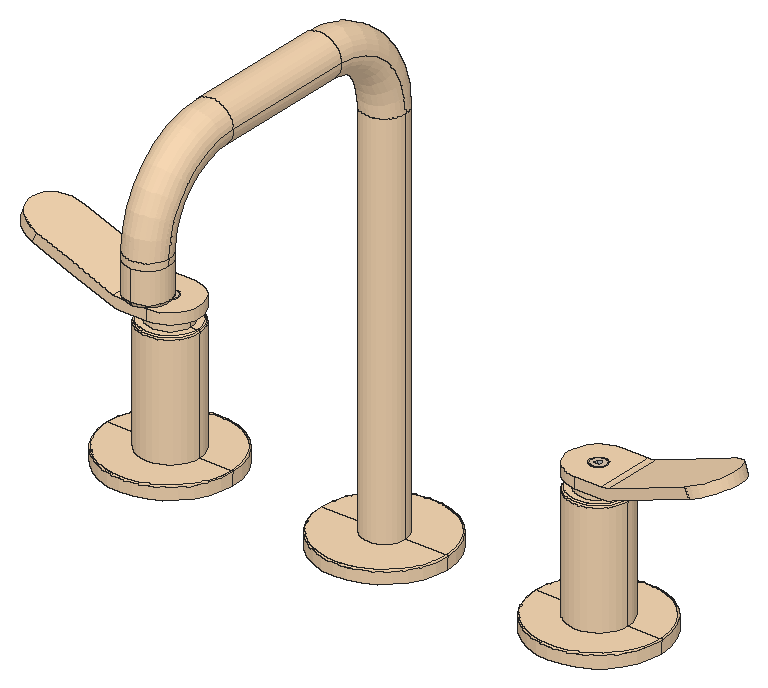
Revit family "Faucet-Deck_Mount-Bath-KALLISTA-Aileron-P33350", category Plumbing Fixtures, host Face, Revit 2021
Family settings
  Host = Face
  Round Connector Dimension = Use Diameter
  Part Type = Normal
  OmniClass Number = 23.31.11.00
  OmniClass Title = Faucets
  Cut with Voids When Loaded = No
  Shared = No
  Room Calculation Point = No
Parameters (values of type "2MB-Brushed Brass")
  Width [instance] = 8"
  WaterSense Certified = 1 = 0  # no
  Waste Water Outlet = "Waste Water Outlet"  # constant formula
  Waste Connection = 1 = 0  # no
  Vent Connection = 1 = 0  # no
  URL = "https://www.kallista.com/"
  Type = 1
  Spout Reach = Length  # 5.51181"
  Product Page URL = ""
  Product Name = "Aileron"  # constant formula
  Product Documentation Link = ""
  Pressure = 4.50 psi  # constant formula
  Model = if(Type = 1, "P-33350-LV-2MB", if(Type = 2, "P-33350-LV-BGP", if(Type = 3, "P-33350-LV-BL", if(Type = 4, "P-33350-LV-BLH", if(Type = 5, "P-33350-LV-BN", if(Type = 6, "P-33350-LV-CP", "NA"))))))  # "P-33350-LV-2MB"
  Material = "Premium Metal Construction"  # constant formula
  Master Format 2014 Name = "Residential Faucets, Supplies, and Trim"  # constant formula
  Master Format 2014 = "22 41 39"  # constant formula
  Manufacturer Address = "444 Highland Dr, Kohler, WI 53044"  # constant formula
  Manufacturer = "Kallista Co."  # constant formula
  Length = 5.51181"  # constant formula
  Hot Water Inlet = "Hot Water Inlet"  # constant formula
  Height = 9.23228"  # constant formula
  Handle Clearance = 2.63386"  # constant formula
  HW Connection = 1 = 1  # yes
  Flow Rate = 1.2 GPM  # constant formula
  Finish = Kallista-Metal-2MB- Brushed_Brass
  Faucet Hole Spacing [instance] = Width  # 8"
  Environmental Product Declaration = ""
  Drain Included = 1 = 1  # yes
  Description = "With Desperad Sink Faucet,Tall"  # constant formula
  Default Elevation = 36"
  Declare Label = ""
  Date Modified = "10/22/2024"  # constant formula
  Date Created = "10/22/2024"  # constant formula
  Copyright = "Copyright Kallista Co."  # constant formula
  Contact Us = "https://www.kallista.com/corporate/contact-us/"
  Cold Water Inlet = "Cold Water Inlet"  # constant formula
  CW Connection = 1 = 1  # yes
  Assembly Code = "D2010"
  ADA Compliant = 1 = 0  # no
Types (7): name | Type | Model | Finish
  (no name) | 1 | "P-33350-LV-2MB" | Kallista-Metal-2MB- Brushed_Brass
  2MB-Brushed Brass | 1 | "P-33350-LV-2MB" | Kallista-Metal-2MB- Brushed_Brass
  BGP-Brushed Graphite | 2 | "P-33350-LV-BGP" | Kallista-Metal-BGP-Brushed_Graphite
  BL-Matte Black | 3 | "P-33350-LV-BL" | Kallista-Metal-BL-Matte_Black
  BLH-Blush Brass | 4 | "P-33350-LV-BLH" | Kallista-Metal-BLH-Blush_Brass
  BN-Brushed Nickel | 5 | "P-33350-LV-BN" | Kallista-Metal-BN-Brushed_Nickel
  CP-Chrome | 6 | "P-33350-LV-CP" | Kallista-Metal-CP-Chrome
Reference planes (in)
  plane 1 "Center (Front/Back)": y = 0
  plane 2: z = 0
  plane 3 "Center (Left/Right)": x = 0
  plane 4: x = -4
  plane 5: x = 4
  plane 6: x = 2.8189
  plane 7: y = 1.1811
  plane 8: y = -1.1811
  plane 9: y = 0.55118
  plane 10: y = -0.55118
  plane 11: z = 0.21738
  plane 12: z = 4.25197
  plane 13: z = 6.58957
  plane 14: x = 5.1811
  plane 15: x = -2.8189
  plane 16: x = -5.1811
  plane 17: y = -5.51181
  plane 18: y = -5.90551
  plane 19: y = -5.11811
  plane 20: z = 9.23228
  plane 21: x = -0.3937
  plane 22: x = 0
  plane 23: x = 0.3937
  plane 24: z = 7.23325
  plane 25: x = -6.63386
  plane 26: x = 6.63386
  plane 27: z = 3.54331
Dimensions and locks (in)
  equal spacing: plane 4, plane 3 "Center (Left/Right)", plane 5
  "Width": plane 4 to plane 5
  plane 6 to plane 5 = 1.1811"
  locked: plane 14 to plane 5 at 1.1811
  locked: plane 6 to plane 5 at 1.1811
  locked: plane 4 to plane 16 at 1.1811
  locked: plane 15 to plane 4 at 1.1811
  "Height": plane 20 to level
  "Length": plane 1 "Center (Front/Back)" to plane 17
  "Handle Clearance": plane 26 to plane 5
  "Handle Clearance": plane 4 to plane 25
  plane 27 to level = 3.54331"
  aligned and locked: plane 2 to host face
  aligned and locked: level to host face
  aligned and locked: nested 2 to plane 1 "Center (Front/Back)"
  aligned and locked: plane 1 "Center (Front/Back)" to nested 1
  aligned and locked: plane 4 to nested 2
  aligned and locked: plane 5 to nested 1
  aligned and locked: plane 1 "Center (Front/Back)" to nested 3
Automatic sketch dimensions
  host sketch curve to host sketch curve = 96"  (x2)
Nested families (in)
  nested 1: "P33350_Handle" at (4, 0, 0), type "P33350_Handle"
  nested 2: "P33350_Handle" at (-4, 0, 0) x (-1, 0, 0) z (0, 0, 1), type "P33350_Handle"
  nested 3: "P33350_Spout" at (0, 0, 0), type "P33350_Spout"
Connectors (in)
  piping at (-4, 0, 0), diameter 0.5, driven by "Flow Rate", driven by "Pressure", driven by "HW Connection", driven by "Hot Water Inlet"
    settings: on nested 2, index 1, connector inside diameter 24", connector length 0", flow factor 0, pipe flow 1.2 GPM, pressure drop 4.50 psi, fitting loss kfactor 0, connector angle 0.00°, fixture units 0, engagement length 0", angle of deflection 0.00°, flow configuration 1, flow direction 1, fitting loss method 4, system type 19, joint type 0, gender type 0, connector reference index -1, connector utility 1, adjustable connector no, is connector primary yes, connector description "Hot Water Inlet"
  piping at (4, 0, 0), diameter 0.5, driven by "Flow Rate", driven by "Pressure", driven by "CW Connection", driven by "Cold Water Inlet"
    settings: on nested 1, index 2, connector inside diameter 24", connector length 0", flow factor 0, pipe flow 1.2 GPM, pressure drop 4.50 psi, fitting loss kfactor 0, connector angle 0.00°, fixture units 0, engagement length 0", angle of deflection 0.00°, flow configuration 2, flow direction 1, fitting loss method 4, system type 20, joint type 0, gender type 0, connector reference index -1, connector utility 1, adjustable connector no, is connector primary no, connector description "Cold Water Inlet"
Definition of nested family "P33350_Handle"
  Parameters
    Material = none
    Default Elevation = 0"
  Reference planes (in)
    plane 1 "Center (Front/Back)": y = 0
    plane 2: z = 0
    plane 3 "Center (Left/Right)": x = 0
    plane 4: x = -3.93701
    plane 5: x = 3.93701
    plane 6: y = 1.1811
    plane 7: y = -1.1811
    plane 8: x = 2.75591
    plane 9: x = 5.11811
    plane 10: x = -5.11811
    plane 11: x = -2.75591
    plane 12: x = -1.1811
    plane 13: x = 1.1811
    plane 14: z = 9.27165
    plane 15: z = 8.88976
    plane 16: through (0, -2.07337, 8.88976) normal (0, 0.0872, 0.9962)
    plane 17: y = -0.3937
    plane 18: y = 0.3937
    plane 19: y = 0.55118
    plane 20: y = -0.55118
    plane 21: z = 3.54331
    plane 22: z = 2.3622
    plane 23: z = 2.83021
    plane 24: x = 0.55118
    plane 25: x = -0.55118
    plane 26: through (2.2361, -180, 3.4613) normal (-0.342, 0, 0.9397)
    plane 27: through (2.30342, -180, 3.27632) normal (-0.342, 0, 0.9397)
    plane 28: x = -0.55118
    plane 29: x = 2.63386
  Forms (in)
    Revolve 1, solid, material <- "Material", detail levels medium+fine
      sketch origin (0, 0, 0) x (1, 0, 0) y (0, 0, 1)
        loop
          line (0, 2.37761) -> (-0.51598, 2.37761) -> (-0.53902, 2.35457)
          arc (-0.53902, 2.35457) -> (-0.54802, 2.3411) -> (-0.55118, 2.32521) r 0.04153
          line (-0.55118, 2.32521) -> (-0.55118, 0.24206) -> (0, 0.24206) -> (0, 2.37761)
        axis (0, 0.24206) -> (0, 2.37761)
      angle from 0 to 360
    Revolve 2, solid, material <- "Material", detail levels medium+fine
      sketch origin (0, 0, 0) x (1, 0, 0) y (0, 0, 1)
        loop
          line (0, 0.24206) -> (-1.16142, 0.24206)
          arc (-1.16142, 0.24206) -> (-1.17534, 0.23629) -> (-1.1811, 0.22237) r 0.01969
          line (-1.1811, 0.22237) -> (-1.1811, 0) -> (0, 0) -> (0, 0.24206)
        axis (0, 0) -> (0, 0.24206)
      angle from 0 to 360
    Revolve 3, solid, material <- "Material", detail levels medium+fine
      sketch origin (0, 0, 0) x (1, 0, 0) y (0, 0, 1)
        loop
          line (0, 2.37761) -> (0.39323, 2.37761) -> (0.39323, 2.50156)
          arc (0.39323, 2.50156) -> (0.41364, 2.55848) -> (0.46557, 2.58946) r 0.08958
          line (0.46557, 2.58946) -> (0, 2.58946) -> (0, 2.37761)
        axis (0, 2.37761) -> (0, 2.58946)
      angle from 0 to 360
    Sweep 4, solid, material <- "Material"
      path origin (0, 0, 0) x (1, 0, 0) y (0, 0, 1)
        loop
          line (-2.27206, 2.58331) -> (0.48384, 2.58331)
          arc (0.48384, 2.58331) -> (0.58674, 2.59255) -> (0.68635, 2.61996) r 0.57777
          line (0.68635, 2.61996) -> (3.91751, 3.82917)
      profile origin (-2.27206, 0, 2.58331) x (0, 0, -1) y (0, -1, 0)
        loop
          line (-0.19654, -0.55118) -> (0, -0.55118) -> (0, 0.55118) -> (-0.19654, 0.55118) -> (-0.19654, -0.55118)
    Extrusion 5, void
      sketch origin (0, 0, 0) x (1, 0, 0) y (0, 1, 0)
        loop
          line (0, 0.55118) -> (0, 0.88357) -> (-3.28265, 0.88357) -> (-3.28265, -1.47863) -> (0, -1.47863) -> (0, -0.55118)
          arc (0, -0.55118) -> (-0.55118, 0) -> (0, 0.55118) r 0.55118
      from 2.37761 to 4.80094
    Extrusion 6, void
      sketch origin (-0.77572, 0, 2.0728) x (0.936565, 0, 0.350495) y (0, -1, 0)
        loop
          line (3.08612, -0.55118) -> (2.38681, -0.55118) -> (2.38681, -0.94488) -> (5.16682, -0.94488) -> (5.16682, 0.94488) -> (2.38681, 0.94488) -> (2.38681, 0.55118) -> (3.08612, 0.55118)
          arc (3.08612, 0.55118) -> (3.6373, 0) -> (3.08612, -0.55118) r 0.55118
      from -0.5997 to 0.58587
    Extrusion 7, void
      sketch origin (0, 0, 0) x (1, 0, 0) y (0, 1, 0)
        loop
          circle (0, 0) r 0.15706
      from 2.6188 to 3.2359
    Extrusion 8, solid, detail levels medium+fine
      sketch origin (0, 0, 0) x (1, 0, 0) y (0, 1, 0)
        loop
          circle (0, 0) r 0.1378
      from 2.6188 to 2.77985
    Extrusion 9, void
      sketch origin (0, 0, 0) x (1, 0, 0) y (0, 1, 0)
        loop
          line (0.05666, -0.03967) -> (0.06269, 0.02923) -> (0.00603, 0.0689) -> (-0.05666, 0.03967) -> (-0.06269, -0.02923) -> (-0.00603, -0.0689) -> (0.05666, -0.03967)
      from 2.6188 to 3.13696
    Revolve 10, solid, material <- "Material", detail levels coarse
      sketch origin (0, 0, 0) x (1, 0, 0) y (0, 0, 1)
        loop
          line (0, 2.37761) -> (-0.55118, 2.37761) -> (-0.55118, 0.24206) -> (0, 0.24206) -> (0, 2.37761)
        axis (0, 0.24206) -> (0, 2.37761)
      angle from 0 to 360
    Revolve 11, solid, material <- "Material", detail levels coarse
      sketch origin (0, 0, 0) x (1, 0, 0) y (0, 0, 1)
        loop
          line (0, 2.58331) -> (-0.46969, 2.58331)
          arc (-0.46969, 2.58331) -> (-0.41562, 2.56091) -> (-0.39323, 2.50685) r 0.07646
          line (-0.39323, 2.50685) -> (-0.39323, 2.37761) -> (0, 2.37761) -> (0, 2.58331)
        axis (0, 2.37761) -> (0, 2.58331)
      angle from 0 to 360
    Revolve 12, solid, material <- "Material", detail levels coarse
      sketch origin (0, 0, 0) x (1, 0, 0) y (0, 0, 1)
        loop
          line (0, 0.29174) -> (-1.1811, 0.29174) -> (-1.1811, 0) -> (0, 0) -> (0, 0.29174)
        axis (0, 0) -> (0, 0.29174)
      angle from 0 to 360
  Cuts and joins
    joined: Revolve 1, Revolve 2
    Extrusion 5, Extrusion 6, Extrusion 7 cuts Sweep 4
    Extrusion 9 cuts Extrusion 8
  Lines and regions (in)
    Masking region 1
      outline origin (0, 0, 0) x (0, 1, 0) y (0, 0, 1)
        loop
          arc (0.55118, 3.31057) -> (0.47693, 3.38023) -> (0.3937, 3.43886) r 0.72892
          arc (0.3937, 3.43886) -> (0.01656, 3.544) -> (-0.36058, 3.43886) r 0.72892
          arc (-0.36058, 3.43886) -> (-0.46317, 3.36389) -> (-0.55118, 3.27224) r 0.72892
          line (-0.55118, 3.27224) -> (-0.55118, 2.60512)
          arc (-0.55118, 2.60512) -> (-0.54479, 2.5897) -> (-0.52937, 2.58331) r 0.02181
          line (-0.52937, 2.58331) -> (-0.45218, 2.58331)
          arc (-0.45218, 2.58331) -> (-0.40977, 2.55077) -> (-0.3937, 2.49979) r 0.08887
          line (-0.3937, 2.49979) -> (-0.3937, 2.36839) -> (-0.46702, 2.36839) -> (-0.50883, 2.36839) -> (-0.55118, 2.33873) -> (-0.55118, 0.24206) -> (-1.16142, 0.24206)
          arc (-1.16142, 0.24206) -> (-1.17534, 0.23629) -> (-1.1811, 0.22237) r 0.01969
          line (-1.1811, 0.22237) -> (-1.1811, 0) -> (1.1811, 0) -> (1.1811, 0.22237)
          arc (1.1811, 0.22237) -> (1.17534, 0.23629) -> (1.16142, 0.24206) r 0.01969
          line (1.16142, 0.24206) -> (0.55118, 0.24206) -> (0.55118, 2.33873) -> (0.50883, 2.36839) -> (0.3937, 2.36839) -> (0.3937, 2.49979)
          arc (0.3937, 2.49979) -> (0.40977, 2.55077) -> (0.45218, 2.58331) r 0.08887
          line (0.45218, 2.58331) -> (0.52937, 2.58331)
          arc (0.52937, 2.58331) -> (0.54479, 2.5897) -> (0.55118, 2.60512) r 0.02181
          line (0.55118, 2.60512) -> (0.55118, 3.31057)
    Masking region 2
      outline origin (0, 0, 0) x (1, 0, 0) y (0, 1, 0)
        loop
          arc (1.04461, 0.55118) -> (-1.1811, 0) -> (1.04461, -0.55118) r 1.1811
          line (1.04461, -0.55118) -> (2.08143, -0.55118)
          arc (2.08143, -0.55118) -> (2.63261, 0) -> (2.08143, 0.55118) r 0.55118
          line (2.08143, 0.55118) -> (1.04461, 0.55118)
    Masking region 3
      outline origin (0, 0, 0.04921) x (1, 0, 0) y (0, 0, 1)
        loop
          line (1.1811, 0) -> (1.1811, 0.22284)
          arc (1.1811, 0.22284) -> (1.17534, 0.23676) -> (1.16142, 0.24252) r 0.01969
          line (1.16142, 0.24252) -> (0.55118, 0.24252) -> (0.55118, 2.34215) -> (0.51572, 2.37761) -> (0.39323, 2.37761) -> (0.39323, 2.50631)
          arc (0.39323, 2.50631) -> (0.41635, 2.56132) -> (0.47182, 2.58329) r 0.07699
          arc (0.47182, 2.58329) -> (0.64765, 2.60701) -> (0.80802, 2.68282) r 0.57777
          line (0.80802, 2.68282) -> (2.59475, 3.3048)
          arc (2.59475, 3.3048) -> (2.62821, 3.33481) -> (2.63036, 3.37971) r 0.05827
          line (2.63036, 3.37971) -> (2.60308, 3.45488)
          arc (2.60308, 3.45488) -> (2.57321, 3.48776) -> (2.52885, 3.49018) r 0.0585
          line (2.52885, 3.49018) -> (0.71632, 2.85893)
          arc (0.71632, 2.85893) -> (0.62054, 2.80519) -> (0.5134, 2.78099) r 0.38123
          line (0.5134, 2.78099) -> (-0.55118, 2.78099) -> (-0.55118, 2.58331) -> (-0.47022, 2.58331)
          arc (-0.47022, 2.58331) -> (-0.41578, 2.56076) -> (-0.39323, 2.50631) r 0.07699
          line (-0.39323, 2.50631) -> (-0.39323, 2.37761) -> (-0.51572, 2.37761) -> (-0.55118, 2.34215) -> (-0.55118, 0.24252) -> (-1.16142, 0.24252)
          arc (-1.16142, 0.24252) -> (-1.17534, 0.23676) -> (-1.1811, 0.22284) r 0.01969
          line (-1.1811, 0.22284) -> (-1.1811, 0) -> (1.1811, 0)
    symbolic lines, detail levels medium+fine
      curve 1: arc (0, 0.3937, 3.2645) -> (0, 0, 3.35306) -> (0, -0.3937, 3.2645) r 0.91946
      curve 2: arc (0, 0.55118, 3.15447) -> (0, 0.47705, 3.21609) -> (0, 0.3937, 3.2645) r 0.57666
      curve 3: arc (0, -0.3937, 3.2645) -> (0, -0.47705, 3.21609) -> (0, -0.55118, 3.15447) r 0.57666
      curve 4: line (0, 0.55118, 0.24206) -> (0, -0.55118, 0.24206)
      curve 5: line (0, 1.1811, 0.22237) -> (0, -1.1811, 0.22237)
      curve 6: line (0, 0.37733, 2.36224) -> (0, -0.40148, 2.36224)
      curve 7: line (0, 0.55118, 2.33873) -> (0, -0.55118, 2.33873)
      curve 8: line (0, 0.45218, 2.58331) -> (0, -0.45218, 2.58331)
      curve 9: line (0, 0.39959, 2.51923) -> (0, -0.40374, 2.51923)
      curve 10: line (0, 0.55118, 2.60512) -> (0, -0.55118, 2.60512)
      curve 11: line (0, 0.55118, 1.60121) -> (0, -0.55118, 1.60121)
      curve 12: line (0, 0.55118, 1.60121) -> (0, -0.55118, 2.33873)
      curve 13: line (0, -0.45582, 2.23114) -> (0, -0.55118, 2.29495)
      curve 14: line (0, 0.48574, 1.60121) -> (0, -0.49122, 2.25483)
      curve 15: line (0, 0.42519, 1.60121) -> (0, -0.55118, 2.25444)
      curve 16: line (0, 0.36167, 1.60121) -> (0, -0.55325, 2.21332)
      curve 17: line (0, 0.30112, 1.60121) -> (0, -0.54813, 2.16939)
      curve 18: line (0, 0.55118, 1.6437) -> (0, -0.48766, 2.33873)
      curve 19: line (0, 0.55118, 1.69087) -> (0, -0.41715, 2.33873)
      curve 20: line (0, 0.55118, 2.33873) -> (0, -0.55118, 1.60121)
      curve 21: line (0, 0.48381, 2.33873) -> (0, -0.54813, 1.64833)
      curve 22: line (0, 0.31653, 2.27419) -> (0, -0.54813, 1.6957)
      curve 23: line (0, 0.3422, 2.33873) -> (0, -0.54813, 1.74307)
      curve 24: line (0, 0.2714, 2.33873) -> (0, -0.54813, 1.79043)
      curve 25: line (0, 0.2006, 2.33873) -> (0, -0.54813, 1.8378)
      curve 26: line (0, 0.1298, 2.33873) -> (0, -0.54813, 1.88517)
      curve 27: line (0, 0.059, 2.33873) -> (0, -0.54813, 1.93254)
      curve 28: line (0, -0.0118, 2.33873) -> (0, -0.54813, 1.97991)
      curve 29: line (0, -0.0826, 2.33873) -> (0, -0.54813, 2.02728)
      curve 30: line (0, -0.1534, 2.33873) -> (0, -0.54813, 2.07465)
      curve 31: line (0, -0.22421, 2.33873) -> (0, -0.54813, 2.12202)
      curve 32: line (0, -0.29501, 2.33873) -> (0, -0.54813, 2.16939)
      curve 33: line (0, -0.36581, 2.33873) -> (0, -0.55325, 2.21332)
      curve 34: line (0, -0.43661, 2.33873) -> (0, -0.55118, 2.26208)
      curve 35: line (0, -0.50741, 2.33873) -> (0, -0.55118, 2.30945)
      curve 36: line (0, 0.55118, 2.29136) -> (0, -0.48038, 1.60121)
      curve 37: line (0, 0.55118, 2.24399) -> (0, -0.40958, 1.60121)
      curve 38: line (0, 0.55118, 2.19663) -> (0, -0.33878, 1.60121)
      curve 39: line (0, 0.55118, 2.14926) -> (0, -0.26798, 1.60121)
      curve 40: line (0, 0.55118, 2.10189) -> (0, -0.19718, 1.60121)
      curve 41: line (0, 0.55118, 2.05452) -> (0, -0.12637, 1.60121)
      curve 42: line (0, 0.55118, 2.00715) -> (0, -0.05557, 1.60121)
      curve 43: line (0, 0.55118, 1.95978) -> (0, 0.01523, 1.60121)
      curve 44: line (0, 0.55118, 1.91241) -> (0, 0.08603, 1.60121)
      curve 45: line (0, 0.55118, 1.86504) -> (0, 0.15683, 1.60121)
      curve 46: line (0, 0.55118, 1.81767) -> (0, 0.22763, 1.60121)
      curve 47: line (0, 0.55118, 1.77031) -> (0, 0.29843, 1.60121)
      curve 48: line (0, 0.55118, 1.73824) -> (0, -0.34635, 2.33873)
      curve 49: line (0, 0.55118, 1.78561) -> (0, -0.27555, 2.33873)
      curve 50: line (0, 0.55118, 1.83298) -> (0, -0.20475, 2.33873)
      curve 51: line (0, 0.55118, 1.88035) -> (0, -0.13395, 2.33873)
      curve 52: line (0, 0.55118, 1.92772) -> (0, -0.06315, 2.33873)
      curve 53: line (0, 0.55118, 1.97509) -> (0, 0.00765, 2.33873)
      curve 54: line (0, 0.55118, 2.02246) -> (0, 0.07845, 2.33873)
      curve 55: line (0, 0.55118, 2.06983) -> (0, 0.14925, 2.33873)
      curve 56: line (0, 0.55118, 2.11719) -> (0, 0.22005, 2.33873)
      curve 57: line (0, 0.55118, 2.16456) -> (0, 0.29086, 2.33873)
      curve 58: line (0, 0.55118, 2.21193) -> (0, 0.36166, 2.33873)
      curve 59: line (0, 0.55118, 2.2593) -> (0, 0.43246, 2.33873)
      curve 60: line (0, 0.55118, 2.30667) -> (0, 0.50326, 2.33873)
      curve 61: line (0, 0.23032, 1.60121) -> (0, -0.54813, 2.12202)
      curve 62: line (0, 0.15952, 1.60121) -> (0, -0.54813, 2.07465)
      curve 63: line (0, 0.08871, 1.60121) -> (0, -0.54813, 2.02728)
      curve 64: line (0, 0.01791, 1.60121) -> (0, -0.54813, 1.97991)
      curve 65: line (0, -0.05289, 1.60121) -> (0, -0.54813, 1.93254)
      curve 66: line (0, -0.12369, 1.60121) -> (0, -0.54813, 1.88517)
      curve 67: line (0, -0.19449, 1.60121) -> (0, -0.54813, 1.8378)
      curve 68: line (0, -0.26529, 1.60121) -> (0, -0.54813, 1.79043)
      curve 69: line (0, -0.33609, 1.60121) -> (0, -0.54813, 1.74307)
      curve 70: line (0, -0.40689, 1.60121) -> (0, -0.54813, 1.6957)
      curve 71: line (0, -0.47769, 1.60121) -> (0, -0.54813, 1.64833)
      curve 72: circle (0, 0, 0) r 0.3937 normal (0, 0, 1)
      curve 73: circle (0, 0, 0) r 0.34143 normal (0, 0, 1)
      curve 74: circle (0, 0, 0) r 0.15706 normal (0, 0, 1)
      curve 75: circle (0, 0, 0) r 0.18126 normal (0, 0, 1)
      curve 76: circle (0, 0, 0) r 0.06917 normal (0, 0, 1)
      curve 77: circle (0, 0, 0) r 0.08332 normal (0, 0, 1)
      curve 78: line (0.06013, 0.03472, 0) -> (0, 0.06943, 0)
      curve 79: line (0, 0.06943, 0) -> (-0.06013, 0.03472, 0)
      curve 80: line (-0.06013, 0.03472, 0) -> (-0.06013, -0.03472, 0)
      curve 81: line (-0.06013, -0.03472, 0) -> (0, -0.06943, 0)
      curve 82: line (0, -0.06943, 0) -> (0.06013, -0.03472, 0)
      curve 83: line (0.06013, -0.03472, 0) -> (0.06013, 0.03472, 0)
      curve 84: line (1.04461, 0.55118, 0) -> (-0.00244, 0.55118, 0)
      curve 85: line (1.04461, -0.55118, 0) -> (-0.00244, -0.55118, 0)
      curve 86: arc (-0.00244, 0.55118, 0) -> (-0.55362, 0, 0) -> (-0.00244, -0.55118, 0) r 0.55118
      curve 87: line (0.52108, 0.55118, 0) -> (0.52108, -0.55118, 0)
      curve 88: line (0.55118, -0.55118, 0) -> (0.55118, 0.55118, 0)
      curve 89: line (0.58294, 0.55118, 0) -> (0.58294, -0.55118, 0)
      curve 90: line (0.56748, -0.55118, 0) -> (0.56748, 0.55118, 0)
      curve 91: line (0.53365, 0.55118, 0) -> (0.53365, -0.55118, 0)
      curve 92: arc (2.11464, 0.55118, 0) -> (2.5307, 0.0005, 0) -> (2.11464, -0.55018, 0) r 0.57246
      curve 93: arc (-0.00244, 0.5315, 0) -> (-0.53393, 0, 0) -> (-0.00244, -0.5315, 0) r 0.5315
      curve 94: line (1.05457, 0.5315, 0) -> (-0.00244, 0.5315, 0)
      curve 95: line (1.05457, -0.5315, 0) -> (-0.00244, -0.5315, 0)
      curve 96: arc (1.04461, 0.55118, 0) -> (1.17886, 0, 0) -> (1.04461, -0.55118, 0) r 1.1986
      curve 97: line (0.55118, 0, 0.24252) -> (-0.55118, 0, 0.24252)
      curve 98: line (1.1811, 0, 0.22284) -> (-1.1811, 0, 0.22284)
      curve 99: line (0.55118, 0, 2.36215) -> (-0.55118, 0, 2.36215)
      curve 100: line (0.52176, 0, 2.38992) -> (-0.52176, 0, 2.38992)
      curve 101: line (0.41216, 0, 2.50631) -> (-0.41216, 0, 2.50631)
      curve 102: line (0.48384, 0, 2.58331) -> (-0.47022, 0, 2.58331)
      curve 103: line (0.55118, 0, 1.63683) -> (-0.55118, 0, 1.63683)
      curve 104: line (0.55118, 0, 2.36215) -> (-0.55118, 0, 1.63683)
      curve 105: line (0.55118, 0, 2.31502) -> (-0.47955, 0, 1.63683)
      curve 106: line (0.55118, 0, 2.26789) -> (-0.40793, 0, 1.63683)
      curve 107: line (0.55118, 0, 2.22076) -> (-0.3363, 0, 1.63683)
      curve 108: line (0.55118, 0, 2.17364) -> (-0.26468, 0, 1.63683)
      curve 109: line (0.55118, 0, 2.12651) -> (-0.19305, 0, 1.63683)
      curve 110: line (0.55118, 0, 2.07938) -> (-0.12142, 0, 1.63683)
      curve 111: line (0.55118, 0, 2.03225) -> (-0.0498, 0, 1.63683)
      curve 112: line (0.55118, 0, 1.98512) -> (0.02183, 0, 1.63683)
      curve 113: line (0.55118, 0, 1.938) -> (0.09346, 0, 1.63683)
      curve 114: line (0.55118, 0, 1.89087) -> (0.16508, 0, 1.63683)
      curve 115: line (0.55118, 0, 1.84374) -> (0.23671, 0, 1.63683)
      curve 116: line (0.55118, 0, 1.79661) -> (0.30833, 0, 1.63683)
      curve 117: line (0.55118, 0, 1.74949) -> (0.37996, 0, 1.63683)
      curve 118: line (0.55118, 0, 1.70236) -> (0.45159, 0, 1.63683)
      curve 119: line (0.47955, 0, 2.36215) -> (-0.55118, 0, 1.68396)
      curve 120: line (0.40793, 0, 2.36215) -> (-0.55118, 0, 1.73108)
      curve 121: line (0.3363, 0, 2.36215) -> (-0.55118, 0, 1.77821)
      curve 122: line (0.26468, 0, 2.36215) -> (-0.55118, 0, 1.82534)
      curve 123: line (0.19305, 0, 2.36215) -> (-0.55118, 0, 1.87247)
      curve 124: line (0.12142, 0, 2.36215) -> (-0.55118, 0, 1.91959)
      curve 125: line (0.0498, 0, 2.36215) -> (-0.5372, 0, 1.97592)
      curve 126: line (-0.02183, 0, 2.36215) -> (-0.5372, 0, 2.02305)
      curve 127: line (-0.09346, 0, 2.36215) -> (-0.55118, 0, 2.06098)
      curve 128: line (-0.16508, 0, 2.36215) -> (-0.5372, 0, 2.11731)
      curve 129: line (-0.23671, 0, 2.36215) -> (-0.5372, 0, 2.16444)
      curve 130: line (-0.30833, 0, 2.36215) -> (-0.5372, 0, 2.21156)
      curve 131: line (-0.37996, 0, 2.36215) -> (-0.5372, 0, 2.25869)
      curve 132: line (-0.45159, 0, 2.36215) -> (-0.55118, 0, 2.29662)
      curve 133: line (0.55118, 0, 1.63683) -> (-0.55118, 0, 2.36215)
      curve 134: line (0.55118, 0, 1.68396) -> (-0.47955, 0, 2.36215)
      curve 135: line (0.55118, 0, 1.73108) -> (-0.40793, 0, 2.36215)
      curve 136: line (0.55118, 0, 1.77821) -> (-0.3363, 0, 2.36215)
      curve 137: line (0.55118, 0, 1.82534) -> (-0.26468, 0, 2.36215)
      curve 138: line (0.55118, 0, 1.87247) -> (-0.19305, 0, 2.36215)
      curve 139: line (0.55118, 0, 1.91959) -> (-0.12142, 0, 2.36215)
      curve 140: line (0.55118, 0, 1.96672) -> (-0.0498, 0, 2.36215)
      curve 141: line (0.55118, 0, 2.01385) -> (0.02183, 0, 2.36215)
      curve 142: line (0.55118, 0, 2.06098) -> (0.09346, 0, 2.36215)
      curve 143: line (0.55118, 0, 2.10811) -> (0.16508, 0, 2.36215)
      curve 144: line (0.55118, 0, 2.15523) -> (0.23671, 0, 2.36215)
      curve 145: line (0.55118, 0, 2.20236) -> (0.30833, 0, 2.36215)
      curve 146: line (0.55118, 0, 2.24949) -> (0.37996, 0, 2.36215)
      curve 147: line (0.45159, 0, 2.36215) -> (0.55118, 0, 2.29662)
      curve 148: line (0.47955, 0, 1.63683) -> (-0.55118, 0, 2.31502)
      curve 149: line (0.40793, 0, 1.63683) -> (-0.5372, 0, 2.25869)
      curve 150: line (0.3363, 0, 1.63683) -> (-0.5372, 0, 2.21156)
      curve 151: line (0.26468, 0, 1.63683) -> (-0.5372, 0, 2.16444)
      curve 152: line (0.19305, 0, 1.63683) -> (-0.5372, 0, 2.11731)
      curve 153: line (0.12142, 0, 1.63683) -> (-0.55118, 0, 2.07938)
      curve 154: line (0.0498, 0, 1.63683) -> (-0.5372, 0, 2.02305)
      curve 155: line (-0.02183, 0, 1.63683) -> (-0.5372, 0, 1.97592)
      curve 156: line (-0.09346, 0, 1.63683) -> (-0.55118, 0, 1.938)
      curve 157: line (-0.16508, 0, 1.63683) -> (-0.55118, 0, 1.89087)
      curve 158: line (-0.23671, 0, 1.63683) -> (-0.55118, 0, 1.84374)
      curve 159: line (-0.30833, 0, 1.63683) -> (-0.55118, 0, 1.79661)
      curve 160: line (-0.37996, 0, 1.63683) -> (-0.55118, 0, 1.74949)
      curve 161: line (-0.45159, 0, 1.63683) -> (-0.55118, 0, 1.70236)
  Dimensions and locks (in)
    level to plane 21 = 3.54331"
    plane 21 to level = 3.54331"
    aligned and locked: plane 2 to level
Definition of nested family "P33350_Spout"
  Parameters
    Material = none
    Default Elevation = 0"
  Reference planes (in)
    plane 1 "Center (Front/Back)": y = 0
    plane 2: z = 0
    plane 3 "Center (Left/Right)": x = 0
    plane 4: y = 1.1811
    plane 5: y = -1.1811
    plane 6: y = -5.90551
    plane 7: y = -5.51181
    plane 8: y = -5.11811
    plane 9: z = 9.23228
    plane 10: y = -0.55118
    plane 11: y = 0.55118
    plane 12: x = -0.3937
    plane 13: x = 0.3937
    plane 14: x = -1.1811
    plane 15: x = 1.1811
    plane 16: z = 8.83858
    plane 17: z = 8.44488
    plane 18: z = 8.83858
    plane 19: z = 8.44488
    plane 20: y = 0.3937
    plane 21: y = -0.3937
    plane 22: z = 8.83858
    plane 23: z = 8.44488
  Forms (in)
    Revolve 1, solid, material <- "Material", detail levels medium+fine
      sketch origin (0, 0, 0) x (1, 0, 0) y (0, 0, 1)
        loop
          line (-1.1811, 0.21245) -> (-1.1811, 0) -> (0, 0) -> (0, 0.23552) -> (-1.15803, 0.23552)
          arc (-1.15803, 0.23552) -> (-1.17435, 0.22876) -> (-1.1811, 0.21245) r 0.02307
        axis (0, 0) -> (0, 0.23552)
      angle from 0 to 360
    Sweep 2, solid, material <- "Material", detail levels medium+fine
      path origin (0, 0, 0) x (0, 1, 0) y (0, 0, 1)
        loop
          line (-5.51181, 7.21457) -> (-5.51181, 7.34252)
          arc (-5.51181, 7.34252) -> (-5.07362, 8.4004) -> (-4.01575, 8.83858) r 1.49606
          line (-4.01575, 8.83858) -> (-1.49606, 8.83858)
          arc (-1.49606, 8.83858) -> (-0.43819, 8.4004) -> (0, 7.34252) r 1.49606
          line (0, 7.34252) -> (0, 0.23376)
      profile origin (0, 0, 0.23376) x (0, -1, 0) y (1, 0, 0)
        loop
          circle (0, 0) r 0.3937
    Revolve 3, solid, material <- "Material", detail levels medium+fine
      sketch origin (0, 0, 0) x (0, 1, 0) y (0, 0, 1)
        loop
          line (-5.51181, 6.59349) -> (-5.51181, 7.21457) -> (-5.90551, 7.21457) -> (-5.90551, 6.64093)
          arc (-5.90551, 6.64093) -> (-5.89162, 6.60738) -> (-5.85807, 6.59349) r 0.04745
          line (-5.85807, 6.59349) -> (-5.51181, 6.59349)
        axis (-5.51181, 6.59349) -> (-5.51181, 7.21457)
      angle from 0 to 360
    Extrusion 4, void
      sketch origin (0, -0.0123, 0) x (1, 0, 0) y (0, 1, 0)
        loop
          circle (0.00161, -5.50475) r 0.29134
      from 5.80074 to 6.89077
    Extrusion 5, solid, detail levels medium+fine
      sketch origin (0, 0, 0) x (1, 0, 0) y (0, 1, 0)
        loop
          circle (-0.00452, -5.51679) r 0.24016
      from 6.59349 to 6.89077
    Extrusion 6, void
      sketch origin (0, 0, 0) x (1, 0, 0) y (0, 1, 0)
        loop
          circle (0.1127, -5.65772) r 0.01969
        loop
          circle (0.17404, -5.58408) r 0.01969
        loop
          circle (0.05485, -5.58408) r 0.01969
        loop
          circle (0.05485, -5.69751) r 0.01969
        loop
          circle (0.1127, -5.37639) r 0.01969
        loop
          circle (0.17404, -5.45004) r 0.01969
        loop
          circle (0.05485, -5.45004) r 0.01969
        loop
          circle (0.05485, -5.3366) r 0.01969
        loop
          circle (-0.1127, -5.65772) r 0.01969
        loop
          circle (-0.17404, -5.58408) r 0.01969
        loop
          circle (-0.05485, -5.58408) r 0.01969
        loop
          circle (-0.05485, -5.69751) r 0.01969
        loop
          circle (-0.1127, -5.37639) r 0.01969
        loop
          circle (-0.17404, -5.45004) r 0.01969
        loop
          circle (-0.05485, -5.45004) r 0.01969
        loop
          circle (-0.05485, -5.3366) r 0.01969
      from 6.16053 to 6.76248
    Revolve 7, solid, material <- "Material", detail levels coarse
      sketch origin (0, 0, 0) x (0, 1, 0) y (0, 0, 1)
        loop
          line (0, 0.2356) -> (0, 0) -> (1.1811, 0) -> (1.1811, 0.2356) -> (0, 0.2356)
        axis (0, 0) -> (0, 0.2356)
      angle from 0 to 360
    Sweep 8, solid, material <- "Material", detail levels coarse
      path origin (0, 0, 0) x (0, 1, 0) y (0, 0, 1)
        loop
          line (-5.51181, 6.59349) -> (-5.51181, 7.26378)
          arc (-5.51181, 7.26378) -> (-5.05056, 8.37733) -> (-3.93701, 8.83858) r 1.5748
          line (-3.93701, 8.83858) -> (-1.5748, 8.83858)
          arc (-1.5748, 8.83858) -> (-0.46125, 8.37733) -> (0, 7.26378) r 1.5748
          line (0, 7.26378) -> (0, 0.23376)
      profile origin (0, 0, 0.23376) x (0, -1, 0) y (1, 0, 0)
        loop
          circle (-0.00025, 0) r 0.3937
  Cuts and joins
    Extrusion 4 cuts Revolve 3
    joined: Sweep 2, Revolve 3
    Extrusion 6 cuts Extrusion 5
  Lines and regions (in)
    Masking region 1
      outline origin (0, 0, 0) x (1, 0, 0) y (0, 1, 0)
        loop
          line (-0.3937, -1.11355) -> (-0.3937, -5.5126)
          arc (-0.3937, -5.5126) -> (0, -5.90631) -> (0.3937, -5.5126) r 0.3937
          line (0.3937, -5.5126) -> (0.3937, -1.11355)
          arc (0.3937, -1.11355) -> (0, 1.1811) -> (-0.3937, -1.11355) r 1.1811
    Masking region 2
      outline origin (0, 0, 0) x (0, 1, 0) y (0, 0, 1)
        loop
          line (-1.30635, 9.23228) -> (-4.03094, 9.23228)
          arc (-4.03094, 9.23228) -> (-5.35646, 8.68323) -> (-5.90551, 7.35771) r 1.87457
          line (-5.90551, 7.35771) -> (-5.90551, 6.59349) -> (-5.11811, 6.59349) -> (-5.11811, 7.26378)
          arc (-5.11811, 7.26378) -> (-4.77217, 8.09895) -> (-3.93701, 8.44488) r 1.1811
          line (-3.93701, 8.44488) -> (-1.50323, 8.44488)
          arc (-1.50323, 8.44488) -> (-0.71868, 8.11991) -> (-0.3937, 7.33535) r 1.10953
          line (-0.3937, 7.33535) -> (-0.3937, 0.2356) -> (-1.16142, 0.2356)
          arc (-1.16142, 0.2356) -> (-1.17534, 0.22984) -> (-1.1811, 0.21592) r 0.01969
          line (-1.1811, 0.21592) -> (-1.1811, 0) -> (1.1811, 0) -> (1.1811, 0.21592)
          arc (1.1811, 0.21592) -> (1.17534, 0.22984) -> (1.16142, 0.2356) r 0.01969
          line (1.16142, 0.2356) -> (0.3937, 0.2356) -> (0.3937, 7.53224)
          arc (0.3937, 7.53224) -> (-0.10423, 8.73435) -> (-1.30635, 9.23228) r 1.70005
    Masking region 3
      outline origin (0, 0, 0) x (1, 0, 0) y (0, 0, 1)
        loop
          line (-1.1811, 0) -> (1.1811, 0) -> (1.1811, 0.21074)
          arc (1.1811, 0.21074) -> (1.17346, 0.22919) -> (1.15501, 0.23684) r 0.02609
          line (1.15501, 0.23684) -> (0.3937, 0.23684) -> (0.3937, 8.83475)
          arc (0.3937, 8.83475) -> (0, 9.22845) -> (-0.3937, 8.83475) r 0.3937
          line (-0.3937, 8.83475) -> (-0.3937, 0.23684) -> (-1.15501, 0.23684)
          arc (-1.15501, 0.23684) -> (-1.17346, 0.22919) -> (-1.1811, 0.21074) r 0.02609
          line (-1.1811, 0.21074) -> (-1.1811, 0)
    symbolic lines, detail levels medium+fine
      curve 1: line (-0.3937, -1.11355, 0) -> (-0.3937, 0.16019, 0)
      curve 2: line (0.3937, -1.11355, 0) -> (0.3937, 0.16019, 0)
      curve 3: arc (-0.3937, 0.16019, 0) -> (0, 0.55389, 0) -> (0.3937, 0.16019, 0) r 0.3937
      curve 4: line (0, -5.11811, 7.26378) -> (0, -5.90316, 7.26378)
      curve 5: line (0, 0.3937, 0.2356) -> (0, -0.3937, 0.2356)
      curve 6: line (0, 1.1811, 0.21592) -> (0, -1.1811, 0.21592)
      curve 7: line (0, -4.03094, 9.23228) -> (0, -4.03094, 8.44488)
      curve 8: line (0, -1.30635, 9.23228) -> (0, -1.30635, 8.44488)
      curve 9: line (0, 0.3937, 7.26378) -> (0, -0.39601, 7.26378)
      curve 10: line (-0.3937, 0, 0.23376) -> (0.3937, 0, 0.23376)
      curve 11: line (-1.1811, 0, 0.21074) -> (1.1811, 0, 0.21074)
      curve 12: line (-0.3937, 0, 6.59349) -> (0.3937, 0, 6.59349)
      curve 13: line (-0.3937, 0, 7.23325) -> (0.3937, 0, 7.23325)
      curve 14: line (-0.3937, 0, 7.23325) -> (0.3937, 0, 6.59349)
      curve 15: line (-0.3316, 0, 7.23325) -> (0.39456, 0, 6.64324)
      curve 16: line (-0.2695, 0, 7.23325) -> (0.39456, 0, 6.6937)
      curve 17: line (-0.20739, 0, 7.23325) -> (0.39814, 0, 6.74125)
      curve 18: line (-0.14529, 0, 7.23325) -> (0.39863, 0, 6.79131)
      curve 19: line (-0.08319, 0, 7.23325) -> (0.3937, 0, 6.84577)
      curve 20: line (-0.02109, 0, 7.23325) -> (0.3937, 0, 6.89623)
      curve 21: line (0.04101, 0, 7.23325) -> (0.3937, 0, 6.94669)
      curve 22: line (0.10312, 0, 7.23325) -> (0.3937, 0, 6.99715)
      curve 23: line (0.14249, 0, 7.23325) -> (0.38974, 0, 7.03235)
      curve 24: line (0.20459, 0, 7.23325) -> (0.39024, 0, 7.08241)
      curve 25: line (0.24396, 0, 7.23325) -> (0.3937, 0, 7.11158)
      curve 26: line (0.30492, 0, 7.23325) -> (0.3937, 0, 7.16111)
      curve 27: line (-0.3937, 0, 7.18279) -> (0.3316, 0, 6.59349)
      curve 28: line (-0.39821, 0, 7.136) -> (0.2695, 0, 6.59349)
      curve 29: line (-0.39871, 0, 7.08595) -> (0.20739, 0, 6.59349)
      curve 30: line (-0.3937, 0, 7.03142) -> (0.14529, 0, 6.59349)
      curve 31: line (-0.3937, 0, 6.98096) -> (0.08319, 0, 6.59349)
      curve 32: line (-0.3937, 0, 6.9305) -> (0.02109, 0, 6.59349)
      curve 33: line (-0.3937, 0, 6.88004) -> (-0.04101, 0, 6.59349)
      curve 34: line (-0.3937, 0, 6.83201) -> (-0.10013, 0, 6.59349)
      curve 35: line (-0.3937, 0, 6.78155) -> (-0.16224, 0, 6.59349)
      curve 36: line (-0.3937, 0, 6.73109) -> (-0.22434, 0, 6.59349)
      curve 37: line (-0.39543, 0, 6.69139) -> (-0.29752, 0, 6.59349)
      curve 38: line (-0.3937, 0, 6.63041) -> (-0.35678, 0, 6.59349)
      curve 39: line (0.3937, 0, 7.23325) -> (-0.3937, 0, 6.59349)
      curve 40: line (0.3937, 0, 7.18453) -> (-0.33373, 0, 6.59349)
      curve 41: line (0.3937, 0, 7.13487) -> (-0.27262, 0, 6.59349)
      curve 42: line (0.3937, 0, 7.08522) -> (-0.21151, 0, 6.59349)
      curve 43: line (0.3937, 0, 7.03557) -> (-0.1504, 0, 6.59349)
      curve 44: line (0.3937, 0, 6.98591) -> (-0.08929, 0, 6.59349)
      curve 45: line (0.3937, 0, 6.93626) -> (-0.02818, 0, 6.59349)
      curve 46: line (0.3937, 0, 6.88661) -> (0.03293, 0, 6.59349)
      curve 47: line (0.3937, 0, 6.83695) -> (0.09405, 0, 6.59349)
      curve 48: line (0.3937, 0, 6.7873) -> (0.15516, 0, 6.59349)
      curve 49: line (0.3937, 0, 6.73765) -> (0.21627, 0, 6.59349)
      curve 50: line (0.3937, 0, 6.693) -> (0.27122, 0, 6.59349)
      curve 51: line (0.3937, 0, 6.64255) -> (0.33332, 0, 6.59349)
      curve 52: line (0.33259, 0, 7.23325) -> (-0.3937, 0, 6.64314)
      curve 53: line (0.27148, 0, 7.23325) -> (-0.39543, 0, 6.69139)
      curve 54: line (0.21037, 0, 7.23325) -> (-0.3937, 0, 6.74244)
      curve 55: line (0.14926, 0, 7.23325) -> (-0.3937, 0, 6.7921)
      curve 56: line (0.08814, 0, 7.23325) -> (-0.3937, 0, 6.84175)
      curve 57: line (0.02703, 0, 7.23325) -> (-0.3937, 0, 6.8914)
      curve 58: line (-0.03408, 0, 7.23325) -> (-0.3937, 0, 6.94106)
      curve 59: line (-0.09519, 0, 7.23325) -> (-0.3937, 0, 6.99071)
      curve 60: line (-0.1563, 0, 7.23325) -> (-0.3937, 0, 7.04036)
      curve 61: line (-0.21741, 0, 7.23325) -> (-0.39871, 0, 7.08595)
      curve 62: line (-0.27852, 0, 7.23325) -> (-0.39821, 0, 7.136)
      curve 63: line (-0.31789, 0, 7.23325) -> (-0.3937, 0, 7.17166)
      curve 64: line (0, -5.11811, 7.26378) -> (0, -5.90576, 6.59327)
      curve 65: line (0, -5.1781, 7.26378) -> (0, -5.90443, 6.64547)
      curve 66: line (0, -5.23808, 7.26378) -> (0, -5.9041, 6.69681)
      curve 67: line (0, -5.29807, 7.26378) -> (0, -5.90378, 6.74815)
      curve 68: line (0, -5.35805, 7.26378) -> (0, -5.90346, 6.79949)
      curve 69: line (0, -5.41804, 7.26378) -> (0, -5.90313, 6.85083)
      curve 70: line (0, -5.47858, 7.26378) -> (0, -5.90309, 6.90241)
      curve 71: line (0, -5.53912, 7.26378) -> (0, -5.90304, 6.95399)
      curve 72: line (0, -5.59885, 7.26378) -> (0, -5.90259, 7.00521)
      curve 73: line (0, -5.65939, 7.26378) -> (0, -5.90254, 7.05679)
      curve 74: line (0, -5.71993, 7.26378) -> (0, -5.9025, 7.10837)
      curve 75: line (0, -5.78047, 7.26378) -> (0, -5.90245, 7.15994)
      curve 76: line (0, -5.81984, 7.26378) -> (0, -5.90576, 7.19064)
      curve 77: line (0, -5.11836, 7.21253) -> (0, -5.84555, 6.59349)
      curve 78: line (0, -5.11836, 7.16149) -> (0, -5.7856, 6.59349)
      curve 79: line (0, -5.11836, 7.10995) -> (0, -5.72506, 6.59349)
      curve 80: line (0, -5.11836, 7.05841) -> (0, -5.66451, 6.59349)
      curve 81: line (0, -5.11836, 7.00687) -> (0, -5.60397, 6.59349)
      curve 82: line (0, -5.11836, 6.95534) -> (0, -5.54343, 6.59349)
      curve 83: line (0, -5.11836, 6.9038) -> (0, -5.48289, 6.59349)
      curve 84: line (0, -5.11836, 6.85226) -> (0, -5.42235, 6.59349)
      curve 85: line (0, -5.11836, 6.80221) -> (0, -5.36355, 6.59349)
      curve 86: line (0, -5.11836, 6.75067) -> (0, -5.30301, 6.59349)
      curve 87: line (0, -5.11836, 6.69913) -> (0, -5.24247, 6.59349)
      curve 88: line (0, -5.11836, 6.6476) -> (0, -5.18193, 6.59349)
      curve 89: line (0, -5.11836, 6.59349) -> (0, -5.90316, 7.26378)
      curve 90: line (0, -5.17879, 6.59349) -> (0, -5.90576, 7.21439)
      curve 91: line (0, -5.23923, 6.59349) -> (0, -5.90245, 7.15994)
      curve 92: line (0, -5.29966, 6.59349) -> (0, -5.9025, 7.10837)
      curve 93: line (0, -5.36009, 6.59349) -> (0, -5.90254, 7.05679)
      curve 94: line (0, -5.42053, 6.59349) -> (0, -5.90259, 7.00521)
      curve 95: line (0, -5.48096, 6.59349) -> (0, -5.90304, 6.95399)
      curve 96: line (0, -5.54139, 6.59349) -> (0, -5.90309, 6.90241)
      curve 97: line (0, -5.60183, 6.59349) -> (0, -5.90313, 6.85083)
      curve 98: line (0, -5.66226, 6.59349) -> (0, -5.90346, 6.79949)
      curve 99: line (0, -5.72269, 6.59349) -> (0, -5.90378, 6.74815)
      curve 100: line (0, -5.78313, 6.59349) -> (0, -5.9041, 6.69681)
      curve 101: line (0, -5.84356, 6.59349) -> (0, -5.90443, 6.64547)
      curve 102: line (0, -5.11836, 6.6451) -> (0, -5.84272, 7.26378)
      curve 103: line (0, -5.11836, 6.69672) -> (0, -5.78229, 7.26378)
      curve 104: line (0, -5.11836, 6.74833) -> (0, -5.72186, 7.26378)
      curve 105: line (0, -5.11836, 6.79995) -> (0, -5.66142, 7.26378)
      curve 106: line (0, -5.11836, 6.85157) -> (0, -5.60099, 7.26378)
      curve 107: line (0, -5.11836, 6.90318) -> (0, -5.54056, 7.26378)
      curve 108: line (0, -5.11836, 6.9548) -> (0, -5.48012, 7.26378)
      curve 109: line (0, -5.11836, 7.00641) -> (0, -5.41969, 7.26378)
      curve 110: line (0, -5.11836, 7.05803) -> (0, -5.35926, 7.26378)
      curve 111: line (0, -5.11836, 7.10964) -> (0, -5.29882, 7.26378)
      curve 112: line (0, -5.11836, 7.16126) -> (0, -5.23839, 7.26378)
      curve 113: line (0, -5.11836, 7.21288) -> (0, -5.17796, 7.26378)
  Dimensions and locks (in)
    plane 9 to level = 9.23228"
    aligned and locked: plane 2 to level
